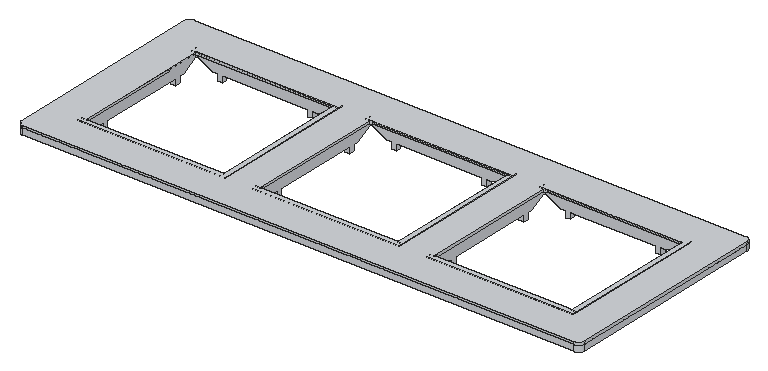
Revit family "Gira_0213255", category Electrical Fixtures, host Face, Revit 2017
Family settings
  Host = Face
  Maintain Annotation Orientation = No
  Round Connector Dimension = Use Diameter
  Part Type = Normal
  Cut with Voids When Loaded = No
  Shared = No
  Room Calculation Point = No
Parameters (values of type "Cov.fr. 3-g flat Gira E2 c.alum.")
  With mounting grid = "No"
  With hinged lid = "No"
  URL = "http://katalog.gira.de/en/datenblatt.html?artikelnr=0213255"
  Type of fastening = "Clamp mounting"
  Transparent = "No"
  Surface protection = "Other"
  Surface finishing = "Matt"
  Suitable for wall duct = "No"
  Suitable for flush-mounted installation = "Yes"
  Suitable for floor box = "No"
  Suitable for built-in installation = "No"
  Number of units vertical = "3"
  Number of units horizontal = "3"
  Number of units = "3"
  Name = "Cov.fr. 3-g flat Gira E2 p.white m"
  Mounting direction = "Horizontal and vertical"
  Material quality = "Thermoplastic"
  Material = "Plastic"
  Manufacturer URL = "https://www.gira.de/"
  Manufacturer = "Gira"
  Label space/information surface = "No"
  Keynote = ""
  HeinzeBIM = "https://bimportal.heinze.de/bim/cov-fr-3-g-flat-gira-e2-p-white-m/725ac13e74fe12f045b29850d63844006d414d69"
  Halogen free = "Yes"
  HAN = "0213225"
  GTIN = "4010337021384"
  Description = "Cov.fr.3g flat E2 CAl,Gira E2 cover frame for flat installation,colour aluminium,3-gang,"
  Degree of protection (IP) = "IP20"
  Default Elevation = 1219.2 mm
  Data sheet (1) = "https://katalog.gira.de/en/download.html?artikelnr=0213225"
  Colour = "White"
  Category = "Cover frame for domestic switching devices"
  BIM (1) = "https://media.stage.bim.site/public/gira/36a6b08/E2flach_Rahmen_3fach.rfa"
  Available = "No"
Reference planes
  plane 1 "Center (Front/Back)": y = 0
  plane 2: z = 0
  plane 3 "Center (Left/Right)": x = 0
Forms (mm)
  Extrusion 1, solid, detail levels fine
    sketch origin (0, 0, 0) x (1, 0, 0) y (0, 1, 0)
      loop
        arc (-112.6, 43.9) -> (-114.368, 43.168) -> (-115.1, 41.4) r 2.5
        line (-115.1, 41.4) -> (-115.1, -41.4)
        arc (-115.1, -41.4) -> (-114.368, -43.168) -> (-112.6, -43.9) r 2.5
        line (-112.6, -43.9) -> (112.6, -43.9)
        arc (112.6, -43.9) -> (114.368, -43.168) -> (115.1, -41.4) r 2.5
        line (115.1, -41.4) -> (115.1, 41.4)
        arc (115.1, 41.4) -> (114.368, 43.168) -> (112.6, 43.9) r 2.5
        line (112.6, 43.9) -> (-112.6, 43.9)
      loop
        spline (-99.344, -27.245) -> (-99.336, -27.363) -> (-99.313, -27.478) -> (-99.275, -27.589) -> (-99.223, -27.695) -> (-99.158, -27.792) -> (-99.081, -27.881) -> (-98.992, -27.958) -> (-98.895, -28.023) -> (-98.789, -28.075) -> (-98.678, -28.113) -> (-98.563, -28.136) -> (-98.445, -28.144)
        line (-98.445, -28.144) -> (-43.955, -28.144)
        spline (-43.955, -28.144) -> (-43.837, -28.136) -> (-43.722, -28.113) -> (-43.611, -28.075) -> (-43.505, -28.023) -> (-43.408, -27.958) -> (-43.319, -27.881) -> (-43.242, -27.792) -> (-43.177, -27.695) -> (-43.125, -27.589) -> (-43.087, -27.478) -> (-43.064, -27.363) -> (-43.056, -27.245)
        line (-43.056, -27.245) -> (-43.056, 27.245)
        spline (-43.056, 27.245) -> (-43.064, 27.363) -> (-43.087, 27.478) -> (-43.125, 27.589) -> (-43.177, 27.695) -> (-43.242, 27.792) -> (-43.319, 27.881) -> (-43.408, 27.958) -> (-43.505, 28.023) -> (-43.611, 28.075) -> (-43.722, 28.113) -> (-43.837, 28.136) -> (-43.955, 28.144)
        line (-43.955, 28.144) -> (-98.445, 28.144)
        spline (-98.445, 28.144) -> (-98.563, 28.136) -> (-98.678, 28.113) -> (-98.789, 28.075) -> (-98.895, 28.023) -> (-98.992, 27.958) -> (-99.081, 27.881) -> (-99.158, 27.792) -> (-99.223, 27.695) -> (-99.275, 27.589) -> (-99.313, 27.478) -> (-99.336, 27.363) -> (-99.344, 27.245)
        line (-99.344, 27.245) -> (-99.344, -27.245)
      loop
        spline (98.445, -28.144) -> (98.563, -28.136) -> (98.678, -28.113) -> (98.789, -28.075) -> (98.895, -28.023) -> (98.992, -27.958) -> (99.081, -27.881) -> (99.158, -27.792) -> (99.223, -27.695) -> (99.275, -27.589) -> (99.313, -27.478) -> (99.336, -27.363) -> (99.344, -27.245)
        line (99.344, -27.245) -> (99.344, 27.245)
        spline (99.344, 27.245) -> (99.336, 27.363) -> (99.313, 27.478) -> (99.275, 27.589) -> (99.223, 27.695) -> (99.158, 27.792) -> (99.081, 27.881) -> (98.992, 27.958) -> (98.895, 28.023) -> (98.789, 28.075) -> (98.678, 28.113) -> (98.563, 28.136) -> (98.445, 28.144)
        line (98.445, 28.144) -> (43.955, 28.144)
        spline (43.955, 28.144) -> (43.837, 28.136) -> (43.722, 28.113) -> (43.611, 28.075) -> (43.505, 28.023) -> (43.408, 27.958) -> (43.319, 27.881) -> (43.242, 27.792) -> (43.177, 27.695) -> (43.125, 27.589) -> (43.087, 27.478) -> (43.064, 27.363) -> (43.056, 27.245)
        line (43.056, 27.245) -> (43.056, -27.245)
        spline (43.056, -27.245) -> (43.064, -27.363) -> (43.087, -27.478) -> (43.125, -27.589) -> (43.177, -27.695) -> (43.242, -27.792) -> (43.319, -27.881) -> (43.408, -27.958) -> (43.505, -28.023) -> (43.611, -28.075) -> (43.722, -28.113) -> (43.837, -28.136) -> (43.955, -28.144)
        line (43.955, -28.144) -> (98.445, -28.144)
      loop
        spline (-28.144, -27.245) -> (-28.136, -27.363) -> (-28.113, -27.478) -> (-28.075, -27.589) -> (-28.023, -27.695) -> (-27.958, -27.792) -> (-27.881, -27.881) -> (-27.792, -27.958) -> (-27.695, -28.023) -> (-27.589, -28.075) -> (-27.478, -28.113) -> (-27.363, -28.136) -> (-27.245, -28.144)
        line (-27.245, -28.144) -> (27.245, -28.144)
        spline (27.245, -28.144) -> (27.363, -28.136) -> (27.478, -28.113) -> (27.589, -28.075) -> (27.695, -28.023) -> (27.792, -27.958) -> (27.881, -27.881) -> (27.958, -27.792) -> (28.023, -27.695) -> (28.075, -27.589) -> (28.113, -27.478) -> (28.136, -27.363) -> (28.144, -27.245)
        line (28.144, -27.245) -> (28.144, 27.245)
        spline (28.144, 27.245) -> (28.136, 27.363) -> (28.113, 27.478) -> (28.075, 27.589) -> (28.023, 27.695) -> (27.958, 27.792) -> (27.881, 27.881) -> (27.792, 27.958) -> (27.695, 28.023) -> (27.589, 28.075) -> (27.478, 28.113) -> (27.363, 28.136) -> (27.245, 28.144)
        line (27.245, 28.144) -> (-27.245, 28.144)
        spline (-27.245, 28.144) -> (-27.363, 28.136) -> (-27.478, 28.113) -> (-27.589, 28.075) -> (-27.695, 28.023) -> (-27.792, 27.958) -> (-27.881, 27.881) -> (-27.958, 27.792) -> (-28.023, 27.695) -> (-28.075, 27.589) -> (-28.113, 27.478) -> (-28.136, 27.363) -> (-28.144, 27.245)
        line (-28.144, 27.245) -> (-28.144, -27.245)
    from 2.5 to 3.4
  Extrusion 2, solid, detail levels fine
    sketch origin (0, 0, 0) x (1, 0, 0) y (0, 1, 0)
      loop
        arc (-112.6, 43.9) -> (-114.368, 43.168) -> (-115.1, 41.4) r 2.5
        line (-115.1, 41.4) -> (-115.1, -41.4)
        arc (-115.1, -41.4) -> (-114.368, -43.168) -> (-112.6, -43.9) r 2.5
        line (-112.6, -43.9) -> (112.6, -43.9)
        arc (112.6, -43.9) -> (114.368, -43.168) -> (115.1, -41.4) r 2.5
        line (115.1, -41.4) -> (115.1, 41.4)
        arc (115.1, 41.4) -> (114.368, 43.168) -> (112.6, 43.9) r 2.5
        line (112.6, 43.9) -> (-112.6, 43.9)
      loop
        arc (-112.6, 43.4) -> (-114.014, 42.814) -> (-114.6, 41.4) r 2
        line (-114.6, 41.4) -> (-114.6, -41.4)
        arc (-114.6, -41.4) -> (-114.014, -42.814) -> (-112.6, -43.4) r 2
        line (-112.6, -43.4) -> (112.6, -43.4)
        arc (112.6, -43.4) -> (114.014, -42.814) -> (114.6, -41.4) r 2
        line (114.6, -41.4) -> (114.6, 41.4)
        arc (114.6, 41.4) -> (114.014, 42.814) -> (112.6, 43.4) r 2
        line (112.6, 43.4) -> (-112.6, 43.4)
    from 0 to 2.5
  Extrusion 3, solid, detail levels fine
    sketch origin (-71.2, 0, 0) x (1, 0, 0) y (0, 0, 1)
      loop
        line (-17.5, -4.06) -> (-17.5, -1.56) -> (17.5, -1.56) -> (17.5, -4.06) -> (19.5, -4.06) -> (19.5, -1.56) -> (21.654, -1.56) -> (27.214, 1.65) -> (30, 1.65) -> (30, 3.4) -> (-30, 3.4) -> (-30, 1.65) -> (-27.214, 1.65) -> (-21.654, -1.56) -> (-19.5, -1.56) -> (-19.5, -4.06) -> (-17.5, -4.06)
    from 28.144 to 30
  Extrusion 4, solid, detail levels fine
    sketch origin (-71.2, 0, 0) x (0, -1, 0) y (0, 0, -1)
      loop
        line (-17.5, 4.06) -> (-19.5, 4.06) -> (-19.5, 1.56) -> (-21.654, 1.56) -> (-27.214, -1.65) -> (-28.144, -1.65) -> (-28.144, -3.4) -> (28.144, -3.4) -> (28.144, -1.65) -> (27.214, -1.65) -> (21.654, 1.56) -> (19.5, 1.56) -> (19.5, 4.06) -> (17.5, 4.06) -> (17.5, 1.56) -> (-17.5, 1.56) -> (-17.5, 4.06)
    from 28.144 to 30
  Extrusion 5, solid, detail levels medium
    sketch origin (-71.2, 0, 0) x (0, -1, 0) y (0, 0, 1)
      loop
        line (-17.5, -4.06) -> (-17.5, -1.56) -> (17.5, -1.56) -> (17.5, -4.06) -> (19.5, -4.06) -> (19.5, -1.56) -> (28.144, -1.56) -> (28.144, 3.4) -> (-28.144, 3.4) -> (-28.144, -1.56) -> (-19.5, -1.56) -> (-19.5, -4.06) -> (-17.5, -4.06)
    from 28.144 to 30
  Extrusion 6, solid, detail levels fine
    sketch origin (-71.2, 0, 0) x (1, 0, 0) y (0, 0, -1)
      loop
        line (-17.5, 4.06) -> (-19.5, 4.06) -> (-19.5, 1.56) -> (-21.654, 1.56) -> (-27.214, -1.65) -> (-30, -1.65) -> (-30, -3.4) -> (30, -3.4) -> (30, -1.65) -> (27.214, -1.65) -> (21.654, 1.56) -> (19.5, 1.56) -> (19.5, 4.06) -> (17.5, 4.06) -> (17.5, 1.56) -> (-17.5, 1.56) -> (-17.5, 4.06)
    from 28.144 to 30
  Extrusion 7, solid, detail levels coarse
    sketch origin (0, 0, 0) x (1, 0, 0) y (0, 1, 0)
      loop
        line (-115.1, 43.9) -> (-115.1, -43.9) -> (115.1, -43.9) -> (115.1, 43.9) -> (-115.1, 43.9)
    from -4.06 to 3.4
  Extrusion 8, solid, detail levels medium
    sketch origin (0, 0, 0) x (1, 0, 0) y (0, 1, 0)
      loop
        line (-115.1, 43.9) -> (-115.1, -43.9) -> (115.1, -43.9) -> (115.1, 43.9) -> (-115.1, 43.9)
    from 0 to 3.4
  Extrusion 9, solid, detail levels medium
    sketch origin (-71.2, 0, 0) x (1, 0, 0) y (0, 0, 1)
      loop
        line (-17.5, -4.06) -> (-17.5, -1.56) -> (17.5, -1.56) -> (17.5, -4.06) -> (19.5, -4.06) -> (19.5, -1.56) -> (30, -1.56) -> (30, 3.4) -> (-30, 3.4) -> (-30, -1.56) -> (-19.5, -1.56) -> (-19.5, -4.06) -> (-17.5, -4.06)
    from 28.144 to 30
  Extrusion 10, solid, detail levels medium
    sketch origin (-71.2, 0, 0) x (1, 0, 0) y (0, 0, -1)
      loop
        line (-17.5, 4.06) -> (-19.5, 4.06) -> (-19.5, 1.56) -> (-30, 1.56) -> (-30, -3.4) -> (30, -3.4) -> (30, 1.56) -> (19.5, 1.56) -> (19.5, 4.06) -> (17.5, 4.06) -> (17.5, 1.56) -> (-17.5, 1.56) -> (-17.5, 4.06)
    from 28.144 to 30
  Extrusion 11, solid, detail levels medium
    sketch origin (-71.2, 0, 0) x (0, -1, 0) y (0, 0, -1)
      loop
        line (-17.5, 4.06) -> (-19.5, 4.06) -> (-19.5, 1.56) -> (-28.144, 1.56) -> (-28.144, -3.4) -> (28.144, -3.4) -> (28.144, 1.56) -> (19.5, 1.56) -> (19.5, 4.06) -> (17.5, 4.06) -> (17.5, 1.56) -> (-17.5, 1.56) -> (-17.5, 4.06)
    from 28.144 to 30
  Extrusion 12, solid, detail levels fine
    sketch origin (71.2, 0, 0) x (-1, 0, 0) y (0, 0, -1)
      loop
        line (-17.5, 4.06) -> (-19.5, 4.06) -> (-19.5, 1.56) -> (-21.654, 1.56) -> (-27.214, -1.65) -> (-30, -1.65) -> (-30, -3.4) -> (30, -3.4) -> (30, -1.65) -> (27.214, -1.65) -> (21.654, 1.56) -> (19.5, 1.56) -> (19.5, 4.06) -> (17.5, 4.06) -> (17.5, 1.56) -> (-17.5, 1.56) -> (-17.5, 4.06)
    from 28.144 to 30
  Extrusion 13, solid, detail levels fine
    sketch origin (71.2, 0, 0) x (0, -1, 0) y (0, 0, 1)
      loop
        line (-17.5, -4.06) -> (-17.5, -1.56) -> (17.5, -1.56) -> (17.5, -4.06) -> (19.5, -4.06) -> (19.5, -1.56) -> (21.654, -1.56) -> (27.214, 1.65) -> (28.144, 1.65) -> (28.144, 3.4) -> (-28.144, 3.4) -> (-28.144, 1.65) -> (-27.214, 1.65) -> (-21.654, -1.56) -> (-19.5, -1.56) -> (-19.5, -4.06) -> (-17.5, -4.06)
    from 28.144 to 30
  Extrusion 14, solid, detail levels medium
    sketch origin (71.2, 0, 0) x (0, -1, 0) y (0, 0, -1)
      loop
        line (-17.5, 4.06) -> (-19.5, 4.06) -> (-19.5, 1.56) -> (-28.144, 1.56) -> (-28.144, -3.4) -> (28.144, -3.4) -> (28.144, 1.56) -> (19.5, 1.56) -> (19.5, 4.06) -> (17.5, 4.06) -> (17.5, 1.56) -> (-17.5, 1.56) -> (-17.5, 4.06)
    from 28.144 to 30
  Extrusion 15, solid, detail levels fine
    sketch origin (71.2, 0, 0) x (-1, 0, 0) y (0, 0, 1)
      loop
        line (-17.5, -4.06) -> (-17.5, -1.56) -> (17.5, -1.56) -> (17.5, -4.06) -> (19.5, -4.06) -> (19.5, -1.56) -> (21.654, -1.56) -> (27.214, 1.65) -> (30, 1.65) -> (30, 3.4) -> (-30, 3.4) -> (-30, 1.65) -> (-27.214, 1.65) -> (-21.654, -1.56) -> (-19.5, -1.56) -> (-19.5, -4.06) -> (-17.5, -4.06)
    from 28.144 to 30
  Extrusion 16, solid, detail levels medium
    sketch origin (71.2, 0, 0) x (-1, 0, 0) y (0, 0, -1)
      loop
        line (-17.5, 4.06) -> (-19.5, 4.06) -> (-19.5, 1.56) -> (-30, 1.56) -> (-30, -3.4) -> (30, -3.4) -> (30, 1.56) -> (19.5, 1.56) -> (19.5, 4.06) -> (17.5, 4.06) -> (17.5, 1.56) -> (-17.5, 1.56) -> (-17.5, 4.06)
    from 28.144 to 30
  Extrusion 17, solid, detail levels medium
    sketch origin (71.2, 0, 0) x (-1, 0, 0) y (0, 0, 1)
      loop
        line (-17.5, -4.06) -> (-17.5, -1.56) -> (17.5, -1.56) -> (17.5, -4.06) -> (19.5, -4.06) -> (19.5, -1.56) -> (30, -1.56) -> (30, 3.4) -> (-30, 3.4) -> (-30, -1.56) -> (-19.5, -1.56) -> (-19.5, -4.06) -> (-17.5, -4.06)
    from 28.144 to 30
  Extrusion 18, solid, detail levels medium
    sketch origin (71.2, 0, 0) x (0, -1, 0) y (0, 0, 1)
      loop
        line (-17.5, -4.06) -> (-17.5, -1.56) -> (17.5, -1.56) -> (17.5, -4.06) -> (19.5, -4.06) -> (19.5, -1.56) -> (28.144, -1.56) -> (28.144, 3.4) -> (-28.144, 3.4) -> (-28.144, -1.56) -> (-19.5, -1.56) -> (-19.5, -4.06) -> (-17.5, -4.06)
    from 28.144 to 30
  Extrusion 19, solid, detail levels fine
    sketch origin (-129.344, 0, 0) x (0, -1, 0) y (0, 0, -1)
      loop
        line (-17.5, 4.06) -> (-19.5, 4.06) -> (-19.5, 1.56) -> (-21.654, 1.56) -> (-27.214, -1.65) -> (-28.144, -1.65) -> (-28.144, -3.4) -> (28.144, -3.4) -> (28.144, -1.65) -> (27.214, -1.65) -> (21.654, 1.56) -> (19.5, 1.56) -> (19.5, 4.06) -> (17.5, 4.06) -> (17.5, 1.56) -> (-17.5, 1.56) -> (-17.5, 4.06)
    from 28.144 to 30
  Extrusion 20, solid, detail levels fine
    sketch origin (129.344, 0, 0) x (0, -1, 0) y (0, 0, 1)
      loop
        line (-17.5, -4.06) -> (-17.5, -1.56) -> (17.5, -1.56) -> (17.5, -4.06) -> (19.5, -4.06) -> (19.5, -1.56) -> (21.654, -1.56) -> (27.214, 1.65) -> (28.144, 1.65) -> (28.144, 3.4) -> (-28.144, 3.4) -> (-28.144, 1.65) -> (-27.214, 1.65) -> (-21.654, -1.56) -> (-19.5, -1.56) -> (-19.5, -4.06) -> (-17.5, -4.06)
    from 28.144 to 30
  Extrusion 21, solid, detail levels fine
    sketch origin (0, 0, 0) x (-1, 0, 0) y (0, 0, -1)
      loop
        line (-17.5, 4.06) -> (-19.5, 4.06) -> (-19.5, 1.56) -> (-21.654, 1.56) -> (-27.214, -1.65) -> (-30, -1.65) -> (-30, -3.4) -> (30, -3.4) -> (30, -1.65) -> (27.214, -1.65) -> (21.654, 1.56) -> (19.5, 1.56) -> (19.5, 4.06) -> (17.5, 4.06) -> (17.5, 1.56) -> (-17.5, 1.56) -> (-17.5, 4.06)
    from 28.144 to 30
  Extrusion 22, solid, detail levels fine
    sketch origin (0, 0, 0) x (0, -1, 0) y (0, 0, 1)
      loop
        line (-17.5, -4.06) -> (-17.5, -1.56) -> (17.5, -1.56) -> (17.5, -4.06) -> (19.5, -4.06) -> (19.5, -1.56) -> (21.654, -1.56) -> (27.214, 1.65) -> (28.144, 1.65) -> (28.144, 3.4) -> (-28.144, 3.4) -> (-28.144, 1.65) -> (-27.214, 1.65) -> (-21.654, -1.56) -> (-19.5, -1.56) -> (-19.5, -4.06) -> (-17.5, -4.06)
    from 28.144 to 30
  Extrusion 23, solid, detail levels medium
    sketch origin (0, 0, 0) x (0, -1, 0) y (0, 0, -1)
      loop
        line (-17.5, 4.06) -> (-19.5, 4.06) -> (-19.5, 1.56) -> (-28.144, 1.56) -> (-28.144, -3.4) -> (28.144, -3.4) -> (28.144, 1.56) -> (19.5, 1.56) -> (19.5, 4.06) -> (17.5, 4.06) -> (17.5, 1.56) -> (-17.5, 1.56) -> (-17.5, 4.06)
    from 28.144 to 30
  Extrusion 24, solid, detail levels fine
    sketch origin (0, 0, 0) x (-1, 0, 0) y (0, 0, 1)
      loop
        line (-17.5, -4.06) -> (-17.5, -1.56) -> (17.5, -1.56) -> (17.5, -4.06) -> (19.5, -4.06) -> (19.5, -1.56) -> (21.654, -1.56) -> (27.214, 1.65) -> (30, 1.65) -> (30, 3.4) -> (-30, 3.4) -> (-30, 1.65) -> (-27.214, 1.65) -> (-21.654, -1.56) -> (-19.5, -1.56) -> (-19.5, -4.06) -> (-17.5, -4.06)
    from 28.144 to 30
  Extrusion 25, solid, detail levels medium
    sketch origin (0, 0, 0) x (-1, 0, 0) y (0, 0, -1)
      loop
        line (-17.5, 4.06) -> (-19.5, 4.06) -> (-19.5, 1.56) -> (-30, 1.56) -> (-30, -3.4) -> (30, -3.4) -> (30, 1.56) -> (19.5, 1.56) -> (19.5, 4.06) -> (17.5, 4.06) -> (17.5, 1.56) -> (-17.5, 1.56) -> (-17.5, 4.06)
    from 28.144 to 30
  Extrusion 26, solid, detail levels medium
    sketch origin (0, 0, 0) x (-1, 0, 0) y (0, 0, 1)
      loop
        line (-17.5, -4.06) -> (-17.5, -1.56) -> (17.5, -1.56) -> (17.5, -4.06) -> (19.5, -4.06) -> (19.5, -1.56) -> (30, -1.56) -> (30, 3.4) -> (-30, 3.4) -> (-30, -1.56) -> (-19.5, -1.56) -> (-19.5, -4.06) -> (-17.5, -4.06)
    from 28.144 to 30
  Extrusion 27, solid, detail levels medium
    sketch origin (0, 0, 0) x (0, -1, 0) y (0, 0, 1)
      loop
        line (-17.5, -4.06) -> (-17.5, -1.56) -> (17.5, -1.56) -> (17.5, -4.06) -> (19.5, -4.06) -> (19.5, -1.56) -> (28.144, -1.56) -> (28.144, 3.4) -> (-28.144, 3.4) -> (-28.144, -1.56) -> (-19.5, -1.56) -> (-19.5, -4.06) -> (-17.5, -4.06)
    from 28.144 to 30
  Extrusion 28, solid, detail levels fine
    sketch origin (58.144, 0, 0) x (0, -1, 0) y (0, 0, 1)
      loop
        line (-17.5, -4.06) -> (-17.5, -1.56) -> (17.5, -1.56) -> (17.5, -4.06) -> (19.5, -4.06) -> (19.5, -1.56) -> (21.654, -1.56) -> (27.214, 1.65) -> (28.144, 1.65) -> (28.144, 3.4) -> (-28.144, 3.4) -> (-28.144, 1.65) -> (-27.214, 1.65) -> (-21.654, -1.56) -> (-19.5, -1.56) -> (-19.5, -4.06) -> (-17.5, -4.06)
    from 28.144 to 30
Dimensions and locks
  aligned and locked: plane 2 to host face
  aligned and locked: level to host face
